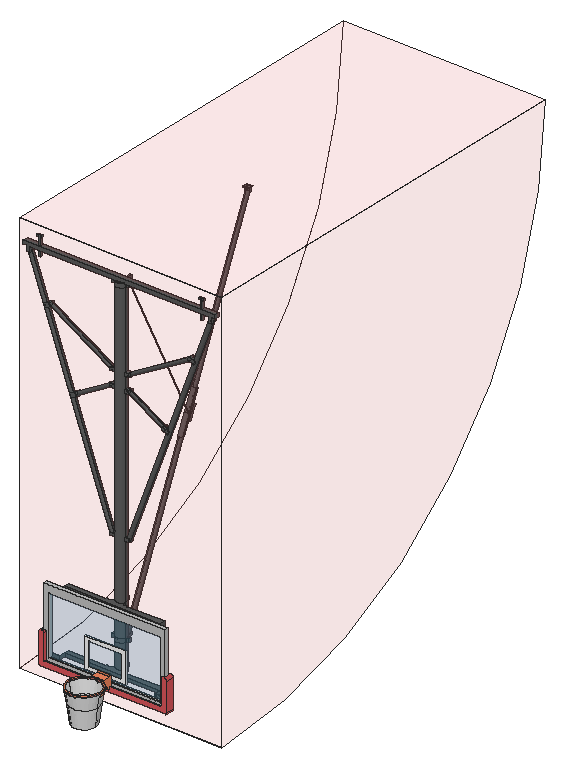
Revit family "Basketball_Backstop-Ceiling_Mount-Backward_Fold-IPIbyBison-IP1345BF-Xtra_Height", category Specialty Equipment, Revit 2023
Family settings
  Round Connector Dimension = Use Diameter
  Part Type = Normal
  OmniClass Number = 23.40.50.34.14
  OmniClass Title = Gymnasium Equipment
  Enable Cutting in Views = No
  Always vertical = Yes
  Cut with Voids When Loaded = No
  Maintain Annotation Orientation = No
  Shared = No
  Room Calculation Point = No
Parameters (values of type "Back Fold Rear Braced")
  Unit Weight [instance] = 0
  URL = "https://ipibybison.com/"
  Swing Clearance Visible [instance] = yes
  Specification = "https://www.arcat.com/company/ipi-by-bison-38554/spec"
  Set Frame Below Truss Level [instance] = -0' - 1"
  Rim Color [instance] = Plastic - IPI by Bison - Orange OR
  Product Page URL = "https://www.arcat.com/arcatcos/cos38/arc38554.html"
  Net Color [instance] = Finish - IPI by Bison - White Netting
  Model = "IP1345BF"
  Manufacturer = "IPI by Bison"
  Keynote = "11 66 00"
  Glass [instance] = Glass - IPI by Bison
  Frame Finish [instance] = Finish - IPI by Bison - Black
  Folding Clearance [instance] = ARCAT Clearance
  F_Length of Piping Below Brace Point [instance] = 1' - 6"
  FF to Top of Hoop [instance] = 10' - 0"
  Description = "Back Folding Basketball Frame and Backboard, Ceiling Mount"
  Default Elevation = 0' - 0"
  Copyright = "© 2023 ARCAT"  # constant formula
  CAD Details = "https://www.arcat.com/company/ipi-by-bison-38554/cad"
  Backboard Type = Backboard_BA42XLGlass : Backboard_BA42XLGlass
  Backboard Square Color [instance] = Finish - IPI by Bison - White
  Backboard Padding Color [instance] = Plastic - IPI by Bison - Scarlet SC
  Backboard Frame Color [instance] = Finish - IPI by Bison - Satin Aluminum
  Backboard Distance from Wall [instance] = 7' - 0"
  B_Distance Between Y Frame Supports [instance] = 8' - 0"  # constant formula
  Available Options = "as Specified"
  A_Distance to Brace [instance] = 7' - 10"
Reference planes (in)
  plane 1 "Center (Front/Back)": y = 0
  plane 2: z = 0
  plane 3 "Center (Left/Right)": x = 0
  plane 4: y = -84
  plane 5: z = 120
  plane 6: x = -48
  plane 7: x = 48
Forms (in)
  Revolve 1, solid, material "ARCAT Clearance" <- "Folding Clearance", visible <- "Swing Clearance Visible"
    sketch origin (-24.35865, -84, 48) x (-1, 0, 0) y (0, 0, 1)
      loop
        line (35.64135, 288) -> (-84.35865, 288) -> (-84.35865, 48) -> (35.64135, 48) -> (35.64135, 288)
      axis (35.64135, 288) -> (-84.35865, 288)
    angle from 0 to -90
Dimensions and locks (in)
  "Backboard Distance from Wall": plane 4 to plane 1 "Center (Front/Back)"
  equal spacing: plane 6, plane 3 "Center (Left/Right)", plane 7
  "B_Distance Between Y Frame Supports": plane 6 to plane 7
  "FF to Top of Hoop": plane 5 to level
  locked: Revolve 1 sketch curve to plane 6 at 12
  locked: plane 7 to Revolve 1 sketch curve at 12
  locked: plane 5 to Revolve 1 sketch curve at 24
  aligned and locked: level to plane 2
  aligned and locked: nested 2 to plane 4
  aligned and locked: plane 4 to nested 1
  aligned and locked: Revolve 1 sketch curve to level
  aligned and locked: level to Revolve 1 sketch curve
Automatic sketch dimensions
  Revolve 1 sketch curve to Revolve 1 sketch curve = 2' - 9.42519"
  plane 3 "Center (Left/Right)" to Revolve 1 sketch curve = 0' - 2.42519"
Nested families (in)
  nested 1: "Backboard_BA42XLGlass" at (0, -84, 120) x (-1, 0, 0) z (0, 0, 1), built-in parameter 1001364 <- "FF to Top of Hoop", backboard color <- "Backboard Frame Color", backboard square color <- "Backboard Square Color", frame finish <- "Frame Finish", glass <- "Glass", rim finish <- "Rim Color", net color <- "Net Color", padding color <- "Backboard Padding Color", height offset <- "FF to Top of Hoop", type "Backboard_BA42XLGlass"
    with rim finish Plastic - IPI by Bison - Orange OR, padding color Plastic - IPI by Bison - Scarlet SC, net color Finish - IPI by Bison - White Netting, height offset 10' - 0", glass Glass - IPI by Bison, frame finish Finish - IPI by Bison - Black, backboard square color Finish - IPI by Bison - White, backboard color Finish - IPI by Bison - Satin Aluminum
  nested 2: "Frame_RFRB28" at (0, -84, 335), built-in parameter 1001364 <- "Set Frame Below Truss Level", a <- "A_Distance to Brace", b <- "B_Distance Between Y Frame Supports", f <- "F_Length of Piping Below Brace Point", frame <- "Frame Finish", type "Frame_RFRB28"
    with frame Finish - IPI by Bison - Black, f 1' - 6", b 8' - 0", a 7' - 10", Hinge Location 9' - 0.08102"
Definition of nested family "Backboard_BA42XLGlass"
  Parameters (values of type "Backboard_BA42XLGlass")
    padding color [instance] = none
    net color [instance] = none
    rim finish [instance] = none
    height offset [instance] = 9' - 6"
    glass [instance] = none
    frame finish [instance] = none
    backboard square color [instance] = none
    backboard color [instance] = none
    Default Elevation = 4' - 0"
  Reference planes (in)
    plane 1 "Center (Front/Back)": y = 0
    plane 2: z = 0
    plane 3 "Center (Left/Right)": x = 0
    plane 4: z = -114
  Forms (in)
    Extrusion 1, solid, material <- "backboard color"
      sketch origin (-8.43545, 11.2937, 28.94441) x (1, 0, 0) y (0, 0, 1)
        loop
          line (-27.56455, 6.99989) -> (-27.56455, -35.00011) -> (44.43545, -35.00011) -> (44.43545, 6.99989) -> (-27.56455, 6.99989)
        loop
          line (41.81045, 2.74989) -> (-24.93955, 2.74989) -> (-24.93955, -32.37511) -> (41.81045, -32.37511) -> (41.81045, 2.74989)
      from 1.125 to -1.125
    Extrusion 2, solid, material <- "padding color"
      sketch origin (-8.43545, 11.2937, 29.06941) x (1, 0, 0) y (0, 0, 1)
        loop
          line (-27.55038, -17.62511) -> (-27.80038, -17.62511)
          arc (-27.80038, -17.62511) -> (-29.03781, -18.13767) -> (-29.55038, -19.37511) r 1.75
          line (-29.55038, -19.37511) -> (-29.55038, -36.12511)
          arc (-29.55038, -36.12511) -> (-29.25748, -36.83222) -> (-28.55038, -37.12511) r 1
          line (-28.55038, -37.12511) -> (45.44962, -37.12511)
          arc (45.44962, -37.12511) -> (46.15673, -36.83222) -> (46.44962, -36.12511) r 1
          line (46.44962, -36.12511) -> (46.44962, -19.37511)
          arc (46.44962, -19.37511) -> (45.93706, -18.13767) -> (44.69962, -17.62511) r 1.75
          line (44.69962, -17.62511) -> (44.42127, -17.62511)
          arc (44.42127, -17.62511) -> (43.71416, -17.918) -> (43.42127, -18.62511) r 1
          line (43.42127, -18.62511) -> (43.42127, -33.98376) -> (-26.55038, -33.98376) -> (-26.55038, -18.62511)
          arc (-26.55038, -18.62511) -> (-26.84327, -17.918) -> (-27.55038, -17.62511) r 1
      from -2.18697 to 2.14819
    Revolve 3, solid, material <- "net color"
      sketch origin (-8.43545, 27.4812, 28.93687) x (1, 0, 0) y (0, 0, 1)
        loop
          circle (-0.85808, -29.24642) r 0.3125
        loop
          line (-1.03195, -29.9762) -> (0.27041, -37.36226) -> (1.80132, -48.25521) -> (2.05377, -48.25521) -> (0.51737, -37.32314) -> (-0.77809, -29.9762) -> (-1.03195, -29.9762)
        axis (8.43545, -48.25521) -> (8.43545, -29.24642)
      angle from 0 to 360
    Revolve 4, solid, material <- "rim finish"
      sketch origin (0.02792, 11.2937, 0) x (0, 1, 0) y (0, 0, 1)
        loop
          line (6.79001, -0.625) -> (6.54001, -0.625) -> (6.54001, -2.125) -> (6.79001, -2.125) -> (6.79001, -0.625)
        axis (16.04001, -2.125) -> (16.04001, -0.625)
      angle from -90 to 90
    Extrusion 5, solid, material <- "rim finish"
      sketch origin (0, 0, 0) x (0, 1, 0) y (0, 0, 1)
        loop
          line (17.69724, 0) -> (12.8212, 0) -> (13.12361, 1.21287) -> (12.79369, 1.29513) -> (12.47078, 0) -> (12.47078, -6.5) -> (13.63137, -6.5) -> (17.69724, -2.43414) -> (17.69724, 0)
      from -3.50075 to 3.49925
    Extrusion 6, solid, material <- "backboard square color"
      sketch origin (0.02792, 11.2937, 0) x (1, 0, 0) y (0, 0, 1)
        loop
          line (-12.02792, 16.0023) -> (-12.02792, -1.9977) -> (11.97208, -1.9977) -> (11.97208, 16.0023) -> (-12.02792, 16.0023)
        loop
          line (-10.02792, 14.0023) -> (-10.02792, 0) -> (9.97208, 0) -> (9.97208, 14.0023) -> (-10.02792, 14.0023)
      from -0.44333 to 0.05679
    Extrusion 7, solid, material <- "glass"
      sketch origin (0.02792, 11.2937, 0) x (1, 0, 0) y (0, 0, 1)
        loop
          line (-33.40292, 31.6943) -> (-33.40292, -3.4307) -> (33.34708, -3.4307) -> (33.34708, 31.6943) -> (-33.40292, 31.6943)
      from -0.405 to 0
    Extrusion 8, solid, material <- "frame finish"
      sketch origin (0, 11.2937, 0) x (1, 0, 0) y (0, 1, 0)
        loop
          line (-28.5, -7.7495) -> (-6, -7.7495) -> (-6, -8.1245) -> (-4.12188, -8.1245) -> (-3.02199, -10.02957)
          arc (-3.02199, -10.02957) -> (-2.89931, -12.81607) -> (-0.66175, -14.4813) r 3.25
          line (-0.66175, -14.4813) -> (-0.66175, -16.28845) -> (0.60591, -16.28845) -> (0.60591, -14.4813)
          arc (0.60591, -14.4813) -> (2.82905, -12.84298) -> (2.98938, -10.08605) r 3.25
          line (2.98938, -10.08605) -> (4.12188, -8.1245) -> (6, -8.1245) -> (6, -7.7495) -> (28.5, -7.7495) -> (28.5, -1.4995) -> (33, -1.4995) -> (33, -1.125) -> (28.25, -1.125) -> (28.25, -4.7495) -> (-28.25, -4.7495) -> (-28.25, -1.125) -> (-33, -1.125) -> (-33, -1.4995) -> (-28.5, -1.4995) -> (-28.5, -7.7495)
      from -3.4307 to -1.5237
    Extrusion 9, solid, material <- "frame finish"
      sketch origin (0, 11.2937, 0) x (1, 0, 0) y (0, 1, 0)
        loop
          line (-28.5, -7.7495) -> (-6, -7.7495) -> (-6, -8.1245) -> (-4.12188, -8.1245) -> (-3.02199, -10.02957)
          arc (-3.02199, -10.02957) -> (-2.89931, -12.81607) -> (-0.66175, -14.4813) r 3.25
          line (-0.66175, -14.4813) -> (-0.66175, -16.28845) -> (0.60591, -16.28845) -> (0.60591, -14.4813)
          arc (0.60591, -14.4813) -> (2.82905, -12.84298) -> (2.98938, -10.08605) r 3.25
          line (2.98938, -10.08605) -> (4.12188, -8.1245) -> (6, -8.1245) -> (6, -7.7495) -> (28.5, -7.7495) -> (28.5, -1.4995) -> (33, -1.4995) -> (33, -1.125) -> (28.25, -1.125) -> (28.25, -4.7495) -> (-28.25, -4.7495) -> (-28.25, -1.125) -> (-33, -1.125) -> (-33, -1.4995) -> (-28.5, -1.4995) -> (-28.5, -7.7495)
      from 31.75979 to 34.1423
  Lines and regions (in)
    model lines
      curve 1: line (-0.00075, 0, 0) -> (-0.00075, 0, -114)
  Dimensions and locks (in)
    "height offset": level to plane 4
    aligned and locked: plane 2 to level
    aligned and locked: plane 4 to curve 1
  Automatic sketch dimensions
    curve 1 to level = 0' - 0"
    curve 1 to plane 3 "Center (Left/Right)" = 0' - 0.00075"
    Extrusion 1 sketch curve to plane 3 "Center (Left/Right)" = 3' - 0"
    Extrusion 1 sketch curve to Extrusion 1 sketch curve = 0' - 2 5/8"  (x2)
    plane 3 "Center (Left/Right)" to Extrusion 1 sketch curve = 2' - 9 3/8"
    Extrusion 1 sketch curve to level = 0' - 6.0557"
    Extrusion 1 sketch curve to level = 0' - 3.4307"
    level to Extrusion 1 sketch curve = 2' - 7.6943"
    Extrusion 1 sketch curve to Extrusion 1 sketch curve = 0' - 4 1/4"
    level to Extrusion 2 sketch curve = 0' - 9.6943"
    Extrusion 2 sketch curve to plane 3 "Center (Left/Right)" = 3' - 1.98582"
    Extrusion 2 sketch curve to Extrusion 2 sketch curve = 0' - 1"  (x4)
    Extrusion 2 sketch curve to Extrusion 2 sketch curve = 0' - 1 3/4"
    Extrusion 2 sketch curve to Extrusion 2 sketch curve = 0' - 0 1/4"
    level to Extrusion 2 sketch curve = 0' - 10.4443"
    plane 3 "Center (Left/Right)" to Extrusion 2 sketch curve = 2' - 10.98582"
    Extrusion 2 sketch curve to Extrusion 2 sketch curve = 0' - 0.27835"
    Extrusion 2 sketch curve to Extrusion 2 sketch curve = 0' - 2.02835"
    Extrusion 2 sketch curve to level = 0' - 4.91435"
    Extrusion 2 sketch curve to Extrusion 2 sketch curve = 0' - 2.14135"
    Revolve 3 sketch curve to plane 3 "Center (Left/Right)" = 0' - 0"
    Revolve 3 sketch curve to plane 3 "Center (Left/Right)" = 0' - 6.38167"
    Revolve 3 sketch curve to Revolve 3 sketch curve = 0' - 0.25246"
    Revolve 3 sketch curve to plane 3 "Center (Left/Right)" = 0' - 7.91808"
    Revolve 3 sketch curve to Revolve 3 sketch curve = 0' - 0.24696"
    Revolve 3 sketch curve to level = 0' - 1.03933"
    Revolve 3 sketch curve to Revolve 3 sketch curve = 0' - 1.0485"
    Revolve 3 sketch curve to level = 0' - 0.30954"
    Revolve 3 sketch curve to Revolve 3 sketch curve = 0' - 0.07999"
    Revolve 3 sketch curve to Revolve 3 sketch curve = 0' - 0.25386"
    Revolve 3 sketch curve to Revolve 3 sketch curve = 0' - 7.34694"
    Revolve 3 sketch curve to Revolve 3 sketch curve = 0' - 0.03911"
    Revolve 3 sketch curve to Revolve 3 sketch curve = 0' - 10.89295"
    Revolve 3 sketch curve to level = 0' - 0.00754"
    level to Revolve 3 sketch curve = 0' - 2.99246"
    Revolve 4 sketch curve to level = 0' - 2 1/8"
    Revolve 4 sketch curve to plane 1 "Center (Front/Back)" = 1' - 5.83371"
    Revolve 4 sketch curve to Revolve 4 sketch curve = 0' - 0 1/4"
    Revolve 4 sketch curve to level = 0' - 0 5/8"  (x2)
    Revolve 4 sketch curve to Revolve 4 sketch curve = 0' - 9 1/4"
    level to Revolve 4 sketch curve = 0' - 3 1/8"
    Extrusion 5 sketch curve to level = 0' - 0"  (x2)
    Extrusion 5 sketch curve to plane 1 "Center (Front/Back)" = 1' - 0.47078"
    level to Extrusion 5 sketch curve = 0' - 1.29513"
    Extrusion 5 sketch curve to Extrusion 5 sketch curve = 0' - 0.32291"
    Extrusion 5 sketch curve to Extrusion 5 sketch curve = 0' - 0.35043"
    Extrusion 5 sketch curve to Extrusion 5 sketch curve = 0' - 1.16059"
    Extrusion 5 sketch curve to Extrusion 5 sketch curve = 0' - 4.57363"
    Extrusion 5 sketch curve to Extrusion 5 sketch curve = 0' - 2.43414"
    Extrusion 5 sketch curve to Extrusion 5 sketch curve = 0' - 6 1/2"
    Extrusion 6 sketch curve to level = 0' - 0"
    Extrusion 6 sketch curve to level = 0' - 1.9977"
    Extrusion 6 sketch curve to plane 3 "Center (Left/Right)" = 1' - 0"
    Extrusion 6 sketch curve to Extrusion 6 sketch curve = 0' - 2"  (x3)
    plane 3 "Center (Left/Right)" to Extrusion 6 sketch curve = 0' - 10"
    Extrusion 6 sketch curve to Extrusion 6 sketch curve = 1' - 2.0023"
    Extrusion 7 sketch curve to plane 3 "Center (Left/Right)" = 2' - 9 3/8"
    Extrusion 7 sketch curve to level = 0' - 3.4307"
    plane 3 "Center (Left/Right)" to Extrusion 7 sketch curve = 2' - 9 3/8"
    level to Extrusion 7 sketch curve = 2' - 7.6943"
    Extrusion 8 sketch curve to Extrusion 8 sketch curve = 0' - 0"  (x3)
    plane 1 "Center (Front/Back)" to Extrusion 8 sketch curve = 0' - 0"
    Extrusion 8 sketch curve to plane 1 "Center (Front/Back)" = 0' - 9.7942"
    Extrusion 8 sketch curve to plane 3 "Center (Left/Right)" = 2' - 9"
    Extrusion 8 sketch curve to plane 1 "Center (Front/Back)" = 0' - 3.5442"
    Extrusion 8 sketch curve to Extrusion 8 sketch curve = 0' - 4 1/2"  (x2)
    Extrusion 8 sketch curve to Extrusion 8 sketch curve = 0' - 0 1/4"  (x2)
    Extrusion 8 sketch curve to plane 3 "Center (Left/Right)" = 0' - 6"
    Extrusion 8 sketch curve to Extrusion 8 sketch curve = 0' - 1.87812"  (x2)
    Extrusion 8 sketch curve to Extrusion 8 sketch curve = 0' - 1.09989"
    Extrusion 8 sketch curve to plane 3 "Center (Left/Right)" = 0' - 0.66175"
    Extrusion 8 sketch curve to plane 3 "Center (Left/Right)" = 0' - 0.02792"
    plane 3 "Center (Left/Right)" to Extrusion 8 sketch curve = 0' - 0.60591"
    Extrusion 8 sketch curve to plane 1 "Center (Front/Back)" = 0' - 1.20765"
    plane 3 "Center (Left/Right)" to Extrusion 8 sketch curve = 0' - 2.98938"
    Extrusion 8 sketch curve to Extrusion 8 sketch curve = 0' - 1.1325"
    Extrusion 8 sketch curve to plane 1 "Center (Front/Back)" = 0' - 10.1687"
    Extrusion 8 sketch curve to Extrusion 8 sketch curve = 1' - 10 1/4"
    Extrusion 8 sketch curve to Extrusion 8 sketch curve = 0' - 1.80715"
    Extrusion 8 sketch curve to Extrusion 8 sketch curve = 0' - 0 3/8"  (x2)
    Extrusion 8 sketch curve to plane 1 "Center (Front/Back)" = 0' - 3.1692"
    Extrusion 8 sketch curve to Extrusion 8 sketch curve = 0' - 3"
    Extrusion 8 sketch curve to Extrusion 8 sketch curve = 0' - 0.3745"  (x2)
    Extrusion 9 sketch curve to Extrusion 9 sketch curve = 0' - 0"  (x3)
    plane 1 "Center (Front/Back)" to Extrusion 9 sketch curve = 0' - 0"
    Extrusion 9 sketch curve to plane 1 "Center (Front/Back)" = 0' - 9.7942"
    Extrusion 9 sketch curve to plane 3 "Center (Left/Right)" = 2' - 9"
    Extrusion 9 sketch curve to plane 1 "Center (Front/Back)" = 0' - 3.5442"  (x2)
    Extrusion 9 sketch curve to Extrusion 9 sketch curve = 0' - 4 1/2"  (x2)
    Extrusion 9 sketch curve to Extrusion 9 sketch curve = 0' - 0 1/4"  (x2)
    Extrusion 9 sketch curve to plane 3 "Center (Left/Right)" = 0' - 6"
    Extrusion 9 sketch curve to Extrusion 9 sketch curve = 0' - 1.87812"  (x2)
    Extrusion 9 sketch curve to Extrusion 9 sketch curve = 0' - 1.09989"
    Extrusion 9 sketch curve to plane 3 "Center (Left/Right)" = 0' - 0.66175"
    Extrusion 9 sketch curve to plane 3 "Center (Left/Right)" = 0' - 0.02792"
    plane 3 "Center (Left/Right)" to Extrusion 9 sketch curve = 0' - 0.60591"
    Extrusion 9 sketch curve to plane 1 "Center (Front/Back)" = 0' - 1.20765"
    plane 3 "Center (Left/Right)" to Extrusion 9 sketch curve = 0' - 2.98938"
    Extrusion 9 sketch curve to Extrusion 9 sketch curve = 0' - 1.1325"
    Extrusion 9 sketch curve to plane 1 "Center (Front/Back)" = 0' - 10.1687"
    Extrusion 9 sketch curve to Extrusion 9 sketch curve = 1' - 10 1/4"
    Extrusion 9 sketch curve to Extrusion 9 sketch curve = 0' - 1.80715"
    Extrusion 9 sketch curve to Extrusion 9 sketch curve = 0' - 0 3/8"
    Extrusion 9 sketch curve to plane 1 "Center (Front/Back)" = 0' - 3.1692"
    Extrusion 9 sketch curve to Extrusion 9 sketch curve = 0' - 3"
    Extrusion 9 sketch curve to Extrusion 9 sketch curve = 0' - 0.3745"  (x2)
    radius of Revolve 3 sketch curve = 0' - 0 5/16"
Definition of nested family "Frame_RFRB28"
  Parameters (values of type "Frame_RFRB28")
    frame [instance] = none
    f [instance] = 1' - 6"
    b [instance] = 8' - 0"  # constant formula
    a [instance] = 7' - 10"
    Hinge Location [instance] = (sqrt((a - 0' 4 191/256") ^ 2 + (16' 4 7/8") ^ 2)) / 2  # 9' - 0.08102"
    Default Elevation = 4' - 0"
  Reference planes (in)
    plane 1 "Center (Front/Back)": y = 0
    plane 2: z = 0
    plane 3 "Center (Left/Right)": x = 0
    plane 4: z = -4.125
    plane 5: x = -48
    plane 6: x = 48
    plane 7: z = -218.99815
    plane 8: y = 94
    plane 9: z = -200.99815
    plane 10: z = -146.99815
    plane 11: y = 4.7442
    plane 12: z = -12.07366
  Forms (in)
    Extrusion 1, solid, material <- "frame"
      sketch origin (0, 0, 0) x (-1, 0, 0) y (0, 0, 1)
        loop
          line (-48.5, -3.57547) -> (-49.1801, -3.57547) -> (-49.1801, -4.57547) -> (-48.5, -4.57547) -> (-48.5, -14.94659) -> (-47.5, -14.94659) -> (-47.5, -4.50272) -> (-46.31181, -4.50272) -> (-46.31181, -3.67379) -> (-47.125, -3.67379) -> (-47.125, -3.45566) -> (-48.5, -3.45566) -> (-48.5, -3.57547)
        loop
          line (47.5, -3.57547) -> (46.8199, -3.57547) -> (46.8199, -4.57547) -> (47.5, -4.57547) -> (47.5, -14.94659) -> (48.5, -14.94659) -> (48.5, -4.50272) -> (49.68819, -4.50272) -> (49.68819, -3.67379) -> (48.875, -3.67379) -> (48.875, -3.45566) -> (47.5, -3.45566) -> (47.5, -3.57547)
      from -0.4375 to 0.4375
    Extrusion 2, solid, material <- "frame"
      sketch origin (0, 0, 0) x (-1, 0, 0) y (0, -1, 0)
        loop
          circle (0, 0) r 3
      from -218.99815 to -10.81466
    Extrusion 3, solid, material <- "frame"
      sketch origin (0, 0, 0) x (-1, 0, 0) y (0, -1, 0)
        loop
          arc (3.12672, 0.62551) -> (0, 3.19656) -> (-3.12672, 0.62551) r 3.18676
          line (-3.12672, 0.62551) -> (-5.03472, 0.62551) -> (-5.03472, -0.60749) -> (-3.12716, -0.60749)
          arc (-3.12716, -0.60749) -> (-2.22195, -2.27562) -> (-0.529, -3.1335) r 3.1875
          line (-0.529, -3.1335) -> (-0.529, -7.17993) -> (0.529, -7.17993) -> (0.529, -3.1335)
          arc (0.529, -3.1335) -> (2.22195, -2.27562) -> (3.12716, -0.60749) r 3.1875
          line (3.12716, -0.60749) -> (5.03472, -0.60749) -> (5.03472, 0.62551) -> (3.12672, 0.62551)
      from -13.07366 to -11.07366
    Sweep 4, solid, material <- "frame"
      path origin (0, 0, 0) x (0, -1, 0) y (0, 0, 1)
        loop
          line (-4.7442, -200.99815) -> (-94, -4.125)
      profile origin (0, 49.3721, -102.56158) x (0, 0.91077, -0.412913) y (-1, 0, 0)
        loop
          circle (0, 0) r 1.1875
    Extrusion 5, solid, material <- "frame"
      sketch origin (0, -23.21476, -200.99815) x (0, -1, 0) y (1, 0, 0)
        loop
          line (-22.60885, 5.03472) -> (-23.82067, 5.03472) -> (-23.82067, 3.12072)
          arc (-23.82067, 3.12072) -> (-25.10199, 2.55821) -> (-26.01762, 1.5) r 3.179
          line (-26.01762, 1.5) -> (-29.32067, 1.5) -> (-29.32067, -1.5) -> (-26.01762, -1.5)
          arc (-26.01762, -1.5) -> (-25.10199, -2.55821) -> (-23.82067, -3.12072) r 3.179
          line (-23.82067, -3.12072) -> (-23.82067, -5.03472) -> (-22.60885, -5.03472) -> (-22.60885, -3.12072)
          arc (-22.60885, -3.12072) -> (-20.03576, 0) -> (-22.60885, 3.12072) r 3.179
          line (-22.60885, 3.12072) -> (-22.60885, 5.03472)
      from 1 to -1
    Extrusion 6, solid, material <- "frame"
      sketch origin (0, 0, -1.125) x (0, -1, 0) y (0, 0, 1)
        loop
          line (-94.625, -0.80732) -> (-94.625, -3.80732) -> (-93.375, -3.80732) -> (-93.375, -0.80732) -> (-94.625, -0.80732)
      from -1.5 to 1.5
    Extrusion 7, solid, material <- "frame"
      sketch origin (0, 0, -1.125) x (0, -1, 0) y (0, 0, 1)
        loop
          line (-95.5, -0.80732) -> (-95.5, -1.05732) -> (-92.5, -1.05732) -> (-92.5, -0.80732) -> (-95.5, -0.80732)
      from -1.5 to 1.5
    Extrusion 8, solid, material <- "frame"
      sketch origin (0, -0.03, 0) x (1, 0, 0) y (0, 0, 1)
        loop
          line (-57, -8.85715) -> (-57, -10.85715) -> (-55, -10.85715) -> (-55, -14.10715) -> (-53, -14.10715) -> (-53, -10.85715) -> (53, -10.85715) -> (53, -14.10715) -> (55, -14.10715) -> (55, -10.85715) -> (57, -10.85715) -> (57, -8.85715) -> (-57, -8.85715)
      from -1.53 to 1.47
    Sweep 9, solid, material <- "frame"
      path origin (0, -0.03, 0) x (-1, 0, 0) y (0, 0, 1)
        loop
          line (-54.25831, -12.58204) -> (-4.68934, -147.70227)
      profile origin (29.47382, -0.03, -80.14215) x (0.93882, 0, -0.344407) y (0, -1, 0)
        loop
          circle (0, 0) r 1.2175
    Extrusion 10, solid, material <- "frame"
      sketch origin (0, -0.03, 0) x (1, 0, 0) y (0, 0, 1)
        loop
          line (-44.88847, -38.1233) -> (-44.19966, -40.00094) -> (-40.5513, -38.66254) -> (-41.24011, -36.7849) -> (-44.88847, -38.1233)
        loop
          line (-29.35533, -80.46516) -> (-28.66652, -82.3428) -> (-25.14594, -81.05127) -> (-25.83475, -79.17363) -> (-29.35533, -80.46516)
        loop
          line (-2.78107, -58.17015) -> (-5.78107, -58.17015) -> (-5.78107, -60.17015) -> (-2.78107, -60.17015) -> (-2.78107, -58.17015)
        loop
          line (-2.78107, -67.17015) -> (-5.78107, -67.17015) -> (-5.78107, -69.17015) -> (-2.78107, -69.17015) -> (-2.78107, -67.17015)
        loop
          line (44.88847, -38.1233) -> (41.24011, -36.7849) -> (40.5513, -38.66254) -> (44.19966, -40.00094) -> (44.88847, -38.1233)
        loop
          line (29.35533, -80.46516) -> (25.83475, -79.17363) -> (25.14594, -81.05127) -> (28.66652, -82.3428) -> (29.35533, -80.46516)
        loop
          line (2.78107, -58.17015) -> (2.78107, -60.17015) -> (5.78107, -60.17015) -> (5.78107, -58.17015) -> (2.78107, -58.17015)
        loop
          line (2.78107, -67.17015) -> (2.78107, -69.17015) -> (5.78107, -69.17015) -> (5.78107, -67.17015) -> (2.78107, -67.17015)
        loop
          line (-2.69765, -147.99815) -> (-2.69765, -145.99815) -> (-5.69765, -145.99815) -> (-5.69765, -147.99815) -> (-2.69765, -147.99815)
        loop
          line (2.69765, -147.99815) -> (5.69765, -147.99815) -> (5.69765, -145.99815) -> (2.69765, -145.99815) -> (2.69765, -147.99815)
      from -1.42904 to 1.345
    Sweep 11, solid, material <- "frame"
      path origin (0, -0.03, 0) x (1, 0, 0) y (0, 0, 1)
        loop
          line (-42.36358, -37.61622) -> (-4.38156, -59.54515)
      profile origin (-23.37257, -0.03, -48.58069) x (0.5, 0, 0.866025) y (0, -1, 0)
        loop
          circle (0, 0) r 1
    Sweep 12, solid, material <- "frame"
      path origin (0, -0.03, 0) x (-1, 0, 0) y (0, 0, 1)
        loop
          line (-42.36358, -37.61622) -> (-4.38156, -59.54515)
      profile origin (23.37257, -0.03, -48.58069) x (0.5, 0, -0.866025) y (0, -1, 0)
        loop
          circle (0, 0) r 1
    Sweep 13, solid, material <- "frame"
      path origin (0, -0.03, 60) x (1, 0, 0) y (0, 0, 1)
        loop
          line (-26.81592, -140.66699) -> (-4.38156, -127.7145)
      profile origin (-15.59874, -0.03, -74.19074) x (-0.5, 0, 0.866025) y (0, -1, 0)
        loop
          circle (0, 0) r 1
    Sweep 14, solid, material <- "frame"
      path origin (0, -0.03, 60) x (-1, 0, 0) y (0, 0, 1)
        loop
          line (-26.81592, -140.66699) -> (-4.38156, -127.7145)
      profile origin (15.59874, -0.03, -74.19074) x (-0.5, 0, -0.866025) y (0, -1, 0)
        loop
          circle (0, 0) r 1
    Sweep 15, solid, material <- "frame"
      path origin (0, -0.03, 0) x (1, 0, 0) y (0, 0, 1)
        loop
          line (-54.25831, -12.58204) -> (-4.68934, -147.70227)
      profile origin (-29.47382, -0.03, -80.14215) x (0.93882, 0, 0.344407) y (0, -1, 0)
        loop
          circle (0, 0) r 1.2175
    Sweep 16, solid, material <- "frame"
      path in 3D
        loop
          line (0, 49.37192, -102.56199) -> (0, 4.7442, -12.07366)
      profile origin (0, 27.05806, -57.31782) x (0, -0.896858, -0.442319) y (1, 0, 0)
        loop
          circle (0, 0) r 0.0625
  Lines and regions (in)
    reference lines
      curve 1: line (0, 94, -4.125) -> (0, 4.7442, -200.99815)
      curve 2: line (0, 49.37192, -102.56199) -> (0, 46.6396, -101.32325)
      curve 3: line (0, 49.37192, -102.56199) -> (0, 4.7442, -12.07366)
    sketch lines
      curve 4: line (0, 49.37192, -102.56199) -> (0, 4.7442, -12.07366)
  Dimensions and locks (in)
    equal spacing: plane 5, plane 3 "Center (Left/Right)", plane 6
    "b": plane 5 to plane 6
    locked: level to plane 4 at 4.125
    Extrusion 1 sketch curve to Extrusion 1 sketch curve to Extrusion 1 sketch curve to plane 5 to Extrusion 1 sketch curve to Extrusion 1 sketch curve to Extrusion 1 sketch curve = 0' - 0.81319" locked, 0' - 0 3/8" locked, 0' - 0 1/2" locked, 0' - 0 1/2" locked, 0' - 0" locked, 0' - 0.6801" locked
    Extrusion 1 sketch curve to Extrusion 1 sketch curve to Extrusion 1 sketch curve to plane 6 to Extrusion 1 sketch curve to Extrusion 1 sketch curve to Extrusion 1 sketch curve = 0' - 0.81319" locked, 0' - 0 3/8" locked, 0' - 0 1/2" locked, 0' - 0 1/2" locked, 0' - 0" locked, 0' - 0.6801" locked
    "a": plane 1 "Center (Front/Back)" to plane 8
    Extrusion 7 sketch curve to plane 8 to Extrusion 7 sketch curve = 0' - 1 1/2" locked, 0' - 1 1/2" locked
    Extrusion 6 sketch curve to plane 8 to Extrusion 6 sketch curve = 0' - 0 5/8" locked, 0' - 0 5/8" locked
    Extrusion 10 sketch curve to Extrusion 10 sketch curve = 0' - 2"  (x2)
    locked: level to Sweep 9 sketch curve at 147.70227
    locked: Sweep 9 sketch curve to plane 3 "Center (Left/Right)" at 4.68934
    locked: level to Sweep 15 sketch curve at 147.70227
    locked: plane 3 "Center (Left/Right)" to Sweep 15 sketch curve at 4.68934
    locked: level to Extrusion 10 sketch curve at 145.99815  (x2)
    locked: level to plane 10 at 146.99815
    locked: plane 9 to plane 10 at 54
    "f": plane 9 to plane 7
    plane 11 to plane 1 "Center (Front/Back)" = 0' - 4.7442"
    "Hinge Location": curve 2 to curve 1
    locked: plane 4 to plane 12 at 7.94866
    locked: curve 2 to curve 1 (angle 90.00°)
    aligned and locked: plane 2 to level
    aligned and locked: plane 7 to Extrusion 2
    aligned and locked: plane 11 to curve 1
    aligned and locked: plane 9 to curve 1
    aligned and locked: plane 8 to curve 1
    aligned and locked: plane 4 to curve 1
    aligned and locked: plane 8 to Sweep 4 sketch curve
    aligned and locked: plane 4 to Sweep 4 sketch curve
    aligned and locked: plane 11 to Sweep 4 sketch curve
    aligned and locked: plane 9 to Sweep 4 sketch curve
    aligned and locked: plane 11 to curve 3
    aligned and locked: plane 12 to curve 3
  Automatic sketch dimensions
    plane 4 to Extrusion 1 sketch curve = 0' - 0.54953"  (x2)
    Extrusion 1 sketch curve to plane 4 = 0' - 0.37772"  (x2)
    Extrusion 1 sketch curve to plane 4 = 0' - 0.45047"  (x2)
    Extrusion 1 sketch curve to Extrusion 1 sketch curve = 0' - 10.37112"  (x2)
    plane 4 to Extrusion 1 sketch curve = 0' - 0.45121"  (x2)
    Extrusion 1 sketch curve to Extrusion 1 sketch curve = 0' - 0.21814"  (x2)
    plane 1 "Center (Front/Back)" to Extrusion 2 sketch curve = 0' - 0"
    Extrusion 2 sketch curve to plane 3 "Center (Left/Right)" = 0' - 0"
    profile plane to Sweep 4 sketch curve = 0' - 0"
    Sweep 4 sketch curve to profile plane = 0' - 0"
    Extrusion 6 sketch curve to plane 4 = 0' - 0.80732"
    Extrusion 6 sketch curve to level = 0' - 1.93232"
    plane 4 to Extrusion 7 sketch curve = 0' - 1.94268"
    Extrusion 7 sketch curve to Extrusion 7 sketch curve = 0' - 0 1/4"
    plane 5 to Extrusion 8 sketch curve = 0' - 9"
    Extrusion 8 sketch curve to Extrusion 8 sketch curve = 0' - 2"  (x5)
    Extrusion 8 sketch curve to plane 6 = 0' - 5"
    Extrusion 8 sketch curve to plane 4 = 0' - 9.98215"  (x2)
    Extrusion 8 sketch curve to Extrusion 8 sketch curve = 0' - 3 1/4"  (x2)
    Extrusion 8 sketch curve to Extrusion 8 sketch curve = 0' - 0"
    plane 6 to Sweep 9 sketch curve = 0' - 6.25831"
    plane 4 to Sweep 9 sketch curve = 0' - 8 117/256"
    Sweep 9 sketch curve to profile plane = 0' - 0"  (x2)
    Extrusion 10 sketch curve to plane 5 = 0' - 3.11153"
    Extrusion 10 sketch curve to Extrusion 10 sketch curve = 0' - 0.68881"  (x4)
    Extrusion 10 sketch curve to Extrusion 10 sketch curve = 0' - 3.64836"
    Extrusion 10 sketch curve to plane 5 = 1' - 6.64467"
    Extrusion 10 sketch curve to Extrusion 10 sketch curve = 0' - 3.52058"  (x2)
    Extrusion 10 sketch curve to plane 3 "Center (Left/Right)" = 0' - 5.78107"  (x2)
    Extrusion 10 sketch curve to plane 3 "Center (Left/Right)" = 0' - 5.69765"
    Extrusion 10 sketch curve to plane 3 "Center (Left/Right)" = 0' - 2.78107"  (x2)
    Extrusion 10 sketch curve to plane 3 "Center (Left/Right)" = 0' - 2.69765"
    plane 3 "Center (Left/Right)" to Extrusion 10 sketch curve = 0' - 2.69765"
    plane 3 "Center (Left/Right)" to Extrusion 10 sketch curve = 0' - 2.78107"  (x2)
    Extrusion 10 sketch curve to Extrusion 10 sketch curve = 0' - 3"  (x3)
    Extrusion 10 sketch curve to Extrusion 10 sketch curve = 1' - 7.36487"
    plane 6 to Extrusion 10 sketch curve = 0' - 7.4487"
    plane 6 to Extrusion 10 sketch curve = 0' - 3.80034"
    Extrusion 10 sketch curve to Extrusion 10 sketch curve = 5' - 3.65535"
    Extrusion 10 sketch curve to Extrusion 10 sketch curve = 0' - 0"  (x3)
    Extrusion 10 sketch curve to Extrusion 10 sketch curve = 0' - 1.29153"  (x2)
    Extrusion 10 sketch curve to Extrusion 10 sketch curve = 0' - 10.00348"
    Extrusion 10 sketch curve to Extrusion 10 sketch curve = 0' - 2"  (x4)
    Extrusion 10 sketch curve to Extrusion 10 sketch curve = 0' - 7"
    Extrusion 10 sketch curve to level = 3' - 4.00094"  (x2)
    Extrusion 10 sketch curve to Extrusion 10 sketch curve = 0' - 1.3384"  (x2)
    Sweep 11 sketch curve to plane 5 = 0' - 5.63642"
    Sweep 11 sketch curve to plane 3 "Center (Left/Right)" = 0' - 4.38156"
    Sweep 11 sketch curve to plane 4 = 4' - 7.42015"
    Sweep 11 sketch curve to plane 4 = 2' - 9.49122"
    Sweep 11 sketch curve to profile plane = 0' - 0"  (x2)
    Sweep 12 sketch curve to plane 6 = 0' - 5.63642"
    Sweep 12 sketch curve to plane 3 "Center (Left/Right)" = 0' - 4.38156"
    plane 4 to Sweep 12 sketch curve = 4' - 7.42015"
    plane 4 to Sweep 12 sketch curve = 2' - 9.49122"
    Sweep 12 sketch curve to profile plane = 0' - 0"  (x2)
    Sweep 13 sketch curve to plane 5 = 1' - 9.18408"
    Sweep 13 sketch curve to plane 3 "Center (Left/Right)" = 0' - 4.38156"
    Sweep 13 sketch curve to Sweep 13 sketch curve = 1' - 0.95249"
    Sweep 13 sketch curve to profile plane = 0' - 0"
    profile plane to Sweep 13 sketch curve = 0' - 0"
    Sweep 14 sketch curve to plane 6 = 1' - 9.18408"
    Sweep 14 sketch curve to plane 3 "Center (Left/Right)" = 0' - 4.38156"
    Sweep 14 sketch curve to Sweep 14 sketch curve = 1' - 0.95249"
    Sweep 14 sketch curve to profile plane = 0' - 0"
    profile plane to Sweep 14 sketch curve = 0' - 0"
    plane 5 to Sweep 15 sketch curve = 0' - 6.25831"
    Sweep 15 sketch curve to plane 4 = 0' - 8 117/256"
    Sweep 15 sketch curve to profile plane = 0' - 0"  (x2)
    Sweep 13 sketch curve to plane 4 = 6' - 4.54199"
    plane 4 to Sweep 14 sketch curve = 6' - 4.54199"
    Extrusion 5 sketch curve to Extrusion 5 sketch curve = 0' - 0"  (x8)
    plane 1 "Center (Front/Back)" to Extrusion 5 sketch curve = 0' - 0"
    Extrusion 5 sketch curve to plane 3 "Center (Left/Right)" = 0' - 0"
    Extrusion 5 sketch curve to plane 1 "Center (Front/Back)" = 0' - 0.60591"  (x2)
    Extrusion 5 sketch curve to Extrusion 5 sketch curve = 0' - 2.19695"  (x2)
    plane 3 "Center (Left/Right)" to Extrusion 5 sketch curve = 0' - 1 1/2"
    Extrusion 5 sketch curve to Extrusion 5 sketch curve = 0' - 3.30305"
    plane 1 "Center (Front/Back)" to Extrusion 5 sketch curve = 0' - 0.60591"  (x2)
    Extrusion 5 sketch curve to plane 3 "Center (Left/Right)" = 0' - 1 1/2"
    Extrusion 5 sketch curve to Extrusion 5 sketch curve = 0' - 1.914"  (x2)
    Extrusion 3 sketch curve to Extrusion 3 sketch curve = 0' - 0"  (x6)
    Extrusion 3 sketch curve to plane 3 "Center (Left/Right)" = 0' - 0"
    plane 3 "Center (Left/Right)" to Extrusion 3 sketch curve = 0' - 0.529"
    plane 1 "Center (Front/Back)" to Extrusion 3 sketch curve = 0' - 0.62551"  (x2)
    plane 3 "Center (Left/Right)" to Extrusion 3 sketch curve = 0' - 3.12672"
    Extrusion 3 sketch curve to plane 1 "Center (Front/Back)" = 0' - 0.60749"  (x2)
    Extrusion 3 sketch curve to Extrusion 3 sketch curve = 0' - 0.00044"  (x2)
    Extrusion 3 sketch curve to Extrusion 3 sketch curve = 0' - 1.90801"
    Extrusion 3 sketch curve to plane 3 "Center (Left/Right)" = 0' - 0.529"
    Extrusion 3 sketch curve to Extrusion 3 sketch curve = 0' - 1.90757"
    Extrusion 3 sketch curve to plane 11 = 0' - 1.6107"
    plane 11 to Extrusion 3 sketch curve = 0' - 2.43573"
    Sweep 16 sketch curve to profile plane = 0' - 0"  (x2)
    radius of Extrusion 2 sketch curve = 0' - 3"
    radius of Sweep 4 sketch curve = 0' - 1 3/16"
    radius of Sweep 9 sketch curve = 0' - 1.2175"
    radius of Sweep 11 sketch curve = 0' - 1"
    radius of Sweep 12 sketch curve = 0' - 1"
    radius of Sweep 13 sketch curve = 0' - 1"
    radius of Sweep 14 sketch curve = 0' - 1"
    radius of Sweep 15 sketch curve = 0' - 1.2175"
    radius of Sweep 16 sketch curve = 0' - 0 1/16"
  Nested families (in)
    nested 1: "Brace Hinge" at (0, 49.37192, -102.56199) x (0, -0.4129, -0.9108) z (0, 0.9108, -0.4129), Material <- "frame", type "Brace Hinge"
      with Material none
  Definition of nested family "Brace Hinge"
    Parameters (values of type "Brace Hinge")
      Material [instance] = none
      Default Elevation = 4' - 0"
    Reference planes (in)
      plane 1 "Center (Front/Back)": y = 0
      plane 2: z = 0
      plane 3 "Center (Left/Right)": x = 0
    Forms (in)
      Extrusion 1, solid, material <- "Material"
        sketch origin (0, 0, 0) x (0, 1, 0) y (0, 0, 1)
          loop
            circle (0, 0) r 1.4375
        from -12 to 12
      Extrusion 2, solid, material <- "Material"
        sketch origin (0, 0, 0) x (1, 0, 0) y (0, 0, 1)
          loop
            line (4.25, 0) -> (4.25, 3.4375) -> (-4.25, 3.4375) -> (-4.25, 0) -> (4.25, 0)
        from -0.625 to 0.625
      Extrusion 3, void
        sketch origin (0, 0, 0) x (1, 0, 0) y (0, 0, 1)
          loop
            line (0.01563, -1.4375) -> (0.01563, 3.4375) -> (-0.01563, 3.4375) -> (-0.01563, -1.4375) -> (0.01563, -1.4375)
        from -3 to 3
    Cuts and joins
      Extrusion 3 cuts Extrusion 1
      Extrusion 3 cuts Extrusion 2
      joined: Extrusion 1, Extrusion 2
    Dimensions and locks (in)
      aligned and locked: level to plane 2
      aligned and locked: plane 2 to Extrusion 2 sketch curve
